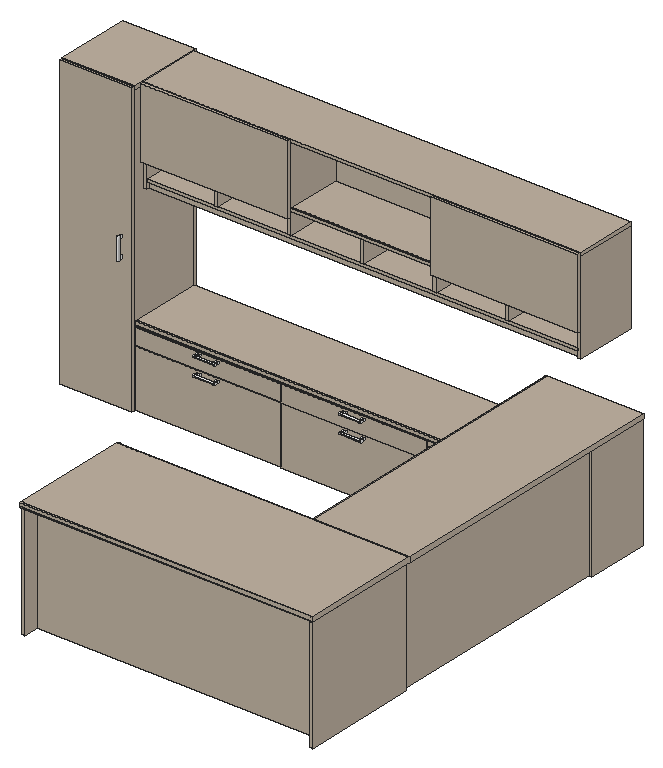
Revit family "JSI-Vision-Typical_Laminate-VST019-", category Furniture, Revit 2020
Family settings
  OmniClass Number = 23.40.20.00
  OmniClass Title = General Furniture and Specialties
  Work Plane-Based = No
  Always vertical = Yes
  Cut with Voids When Loaded = No
  Shared = No
  Room Calculation Point = No
Parameters (values of type "VST019")
  URL = "www.jsifurniture.com"
  Type Comments = "Typical Laminate"  # constant formula
  Model = "VST019"
  Manufacturer = "JSI"  # constant formula
  Keynote = "12500"
  Default Elevation = 0"
  Assembly Code = "E2020200"
Reference planes (in)
  plane 1 "Center Front/Back": y = 0
  plane 2: z = 0
  plane 3 "Center Left/Right": x = 0
Dimensions and locks (in)
  aligned and locked: level to plane 2
Nested families (in)
  nested 1: "JSI-Vision-Single_Pedestal_Desk-Recessed_Modesty" at (91.43587, -90.375, 0) x (-1, 0, 0) z (0, 0, 1), type "VST3072RDF, Laminate 30 x 72 Right Ped Desk, Recess Modesty"
    with Width 72", Panel BBF 56 1/4", LR no, Grommet angle 270.00°, Grommet 56 79/128", BBF 56 1/4"
  nested 2: "JSI-Vision-Wardrobe" at (0, 0.125, 0), type "VST2018-72WL - Wardrobe - 1 Doors 30"W x 20"D x 72"H"
    with Vertical Partition no, Top-Right Shelve no, Width 18", Unit Centre 8 15/16", Shelve Width 7 13/16", Shelve Depth 17.1795", Right surface Dist. to Vertical Partition 3/4", Right Door no, Pull Distance 15 1/4", Left Shelves no, Height 72", Hanging Bar Distance 6 3/4", Door Width 17 3/4", Depth 19.992", Bottom-Right Shelves yes, Adjustable Shelves Array Distance 13.95", Actual Width 17 7/8", Actual Height 71 11/16", # of Adjustable Shelves 4
  nested 3: "JSI-Vision-Bench_Height_Modular_Top" at (17.875, -0.75, -0.756), type "VSTB18108MT, Laminate Mod Bench H Top, 18" x 108""
    with Width 108", Depth 18"
  nested 4: "JSI-Vision-Single Door_Modular_Bench_Pedestal" at (89.875, -0.742, 0), type "VSTB1818MHR, Sngl Door Modular Bench Ped Right"
    with Hinge 4", Height 18.744"
  nested 5: "JSI-Vision-Open_Shelf_Modular_Bench_Pedestal" at (107.875, -0.612, 0), type "VSTB1818MOS, Laminate OS Modular Bench H Ped"
    with Height 18.744"
  nested 6: "JSI-Vision-Box_File_Modular_Bench_Pedestal" at (17.875, -0.742, 0), type "VSTB1836MBF - Laminate BF Modular Bench H Ped"
    with Width 36", Height 18.744"
  nested 7: "JSI-Vision-Box_File_Modular_Bench_Pedestal" at (53.875, -0.742, 0), type "VSTB1836MBF - Laminate BF Modular Bench H Ped"
    with Width 36", Height 18.744"
  nested 8: "JSI-Vision-Bench_Height-Shell_Return" at (127.5, -71.125, 0) x (0, -1, 0) z (0, 0, 1), type "VSTB2472LSHR - Bench Height Shell Return Left Handed - 72"W x 24"D x 30"H"
    with Width 72", Ped Height 27.9995", Modesty Width 59 11/16", Lat Panel Pstn 71 1/8", Height 29.187", Grommet Position 1.356", Bk Panel Pstn 56 1/4"
  nested 9: "JSI-Vision-Wall_Mount_Overhead_Cabinets-Sliding_Door_with_Cubbies" at (17.875, -0.75, -0.3125), type "VST16108WSDC, Laminate Wall Mount OH Cab. 16" x 108", Sld Doors with Cub"
    with Overall Height 72", Verticall Partition Distance 35.85417", Unit Centre 54", Width 108", Sliding Door Width 36.22917", Right Sliding Door yes, Left Vertical Partition yes, Door Width Actual 17.83333", Door Array Spacing 17.95833", Door Width 17.83333", Depth 15.996", Bottom Partition Array Start Distance 17.89583", Bottom Partition Array Space 17.52083", Bottom Partition Array Distance 17.95833", # of bottom Partition 5, # of Doors 6
  nested 10: "JSI-Vision-Modular_Back_Panel_for_Bench_Height-Horizontal_Grain" at (17.875, 0, 0), type "VSTB19102MBK, Modular Back Panel for Bench Height - Horizontal Grain  18 3/4"H, 102"W"
Definition of nested family "JSI-Vision-Single_Pedestal_Desk-Recessed_Modesty"
  Parameters (values of type "Type Catalog")
    Worksurface = none
    Width = 66"
    URL = "www.jsifurniture.com"
    Type Comments = ""
    Tag = "BBF"  # constant formula
    Series = "Vision Casegoods"  # constant formula
    Pull Finish = none
    Panel BBF = if(LR, 15", Width - 15 3/4")  # 15"
    Model = "Type Catalog"
    Material = ""
    Manufacturer = "JSI"  # constant formula
    LR = yes
    Keynote = "12500"
    JSI Enviromental Website = "http://www.jsifurniture.com/jsi_sustainability_intro.php"
    Height = 29.187"
    Grommet angle = if(LR, 90.00°, 270.00°)  # 90.00°
    Grommet Finish = none
    Grommet = if(LR, 14 1/2", Width - 15 49/128")  # 14 1/2"
    Drawer Front = none
    Description = "Type Catalog"
    Depth chassis = 30"
    Depth = 30"
    Default Elevation = 0"
    Chassis = none
    BBF = if(LR, 3/16", Width - 15 3/4")  # 3/16"
    Assembly Code = "E2020200"
  Reference planes (in)
    plane 1: z = 0
    plane 2 "Center (Left/Right)": x = -36.06413
    plane 3: z = 29.187
    plane 4: z = 27.9995
    plane 5: y = -19.25
    plane 6 "Center (Front/Back)": y = 10.75
    plane 7: y = 10.75
    plane 8: x = -3.06413
    plane 9: x = 29.93587
    plane 10: y = 10.56003
    plane 11: x = -20.31413
    plane 12: x = 14.18587
    plane 13: y = -18.37
    plane 14: x = -13.31413
    plane 15: x = -28.12663
    plane 16: x = 29.81086
    plane 17: x = -35.93913
    plane 18: y = 3.55952
    plane 19: y = -0.44048
    plane 20: y = 6.81003
    plane 21: y = -18.31113
    plane 22: x = -21.06413
    plane 23: x = -35.87663
    plane 24: x = -20.37636
    plane 25: x = -5.56513
    plane 26: x = -21.56413
    plane 27: y = 1.55952
  Forms (in)
    Extrusion 1, solid, material <- "Worksurface"
      sketch origin (0, 0, -0.813) x (1, 0, 0) y (0, 1, 0)
        loop
          line (-36.06413, -19.125) -> (29.93587, -19.125) -> (29.93587, 10.625) -> (-36.06413, 10.625) -> (-36.06413, -19.125)
      from 28.8125 to 30
    Extrusion 2, solid, material <- "Chassis"
      sketch origin (0, 3.75, 0) x (1, 0, 0) y (0, 1, 0)
        loop
          line (-35.18913, 3.06003) -> (-35.18913, 2.31003) -> (29.06086, 2.31003) -> (29.06086, 3.06003) -> (-35.18913, 3.06003)
      from 0 to 27.9995
    Extrusion 3, solid, material <- "Drawer Front"
      sketch origin (-0.00163, 0.13, 0) x (1, 0, 0) y (0, 0, 1)
        loop
          line (-35.875, 27.89042) -> (-35.875, 21.04768) -> (-20.37473, 21.04768) -> (-20.37473, 27.89042) -> (-35.875, 27.89042)
        loop
          line (-35.875, 20.92218) -> (-35.875, 14.07843) -> (-20.37473, 14.07843) -> (-20.37473, 20.92218) -> (-35.875, 20.92218)
        loop
          line (-35.875, 13.95343) -> (-35.875, 0.14093) -> (-20.37473, 0.14093) -> (-20.37473, 13.95343) -> (-35.875, 13.95343)
      from 18.5 to 19.25
    Extrusion 4, solid, material <- "Chassis"
      sketch origin (-0.06413, 0, 0) x (0, 1, 0) y (0, 0, 1)
        loop
          line (-18.31113, 27.9995) -> (-18.31113, 0) -> (10.56003, 0) -> (10.56003, 27.9995) -> (3.44695, 27.9995) -> (-18.31113, 27.9995)
      from -35.875 to -35.125
    Extrusion 5, solid, material <- "Chassis"
      sketch origin (-0.06413, 0.034, 0) x (1, 0, 0) y (0, 0, 1)
        loop
          line (-35.125, 1.9375) -> (-35.125, 0) -> (-21, 0) -> (-21, 1.9375) -> (-35.125, 1.9375)
      from 17.59513 to 18.34513
    Extrusion 6, solid, material <- "Chassis"
      sketch origin (-0.06029, 0, 0) x (0, 1, 0) y (0, 0, -1)
        loop
          line (-18.31113, -27.9995) -> (3.74172, -27.9995) -> (10.56003, -27.9995) -> (10.56003, 0) -> (-18.31113, 0) -> (-18.31113, -27.9995)
      from -29.87116 to -29.12116
    Sweep 7, solid, material <- "Worksurface"
      path in 3D
        loop
          line (-36.06413, -19.125, 29.187) -> (29.93587, -19.125, 29.187)
      profile origin (-3.06413, -19.125, 29.187) x (0, 1, 0) y (0, 0, 1)
        loop
          arc (0, 0) -> (-0.08839, -0.03661) -> (-0.125, -0.125) r 0.125
          line (-0.125, -0.125) -> (-0.125, -1.0625)
          arc (-0.125, -1.0625) -> (-0.08839, -1.15089) -> (0, -1.1875) r 0.125
          line (0, -1.1875) -> (0, 0)
    Extrusion 8, solid, material <- "Chassis"
      sketch origin (57.45899, 0, 0) x (0, 1, 0) y (0, 0, -1)
        loop
          line (-18.31113, -27.9995) -> (3.98759, -27.9995) -> (6.06003, -27.9995) -> (6.06003, 0) -> (-18.31113, 0) -> (-18.31113, -27.9995)
      from 77.77312 to 78.52312
    Sweep 9, solid, material <- "Worksurface"
      path in 3D
        loop
          line (29.93587, 10.625, 29.187) -> (-36.06413, 10.625, 29.187)
      profile origin (-3.06413, 10.625, 29.187) x (0, -1, 0) y (0, 0, 1)
        loop
          arc (0, 0) -> (-0.08839, -0.03661) -> (-0.125, -0.125) r 0.125
          line (-0.125, -0.125) -> (-0.125, -1.0625)
          arc (-0.125, -1.0625) -> (-0.08839, -1.15089) -> (0, -1.1875) r 0.125
          line (0, -1.1875) -> (0, 0)
  Cuts and joins
    joined: Extrusion 1, Sweep 7, Sweep 9
  Lines and regions (in)
    sketch lines
      curve 1: line (-36.06413, -19.125, 29.187) -> (29.93587, -19.125, 29.187)
      curve 10: line (29.93587, 10.625, 29.187) -> (-36.06413, 10.625, 29.187)
    symbolic lines
      curve 2: line (29.93587, -19.25, 0) -> (-36.06413, -19.25, 0)
      curve 3: line (29.93587, -19.25, 0) -> (29.93587, 10.75, 0)
      curve 4: line (-36.06413, 10.75, 0) -> (-36.06413, -19.25, 0)
      curve 5: line (-20.37636, -18.37, 0) -> (-35.87663, -18.37, 0)
      curve 6: line (-20.37636, -19.12, 0) -> (-20.37636, -18.37, 0)
      curve 7: line (-35.87663, -19.12, 0) -> (-20.37636, -19.12, 0)
      curve 8: line (-35.87663, -18.37, 0) -> (-35.87663, -19.12, 0)
      curve 9: line (-35.93913, 10.56003, 0) -> (-35.93913, -18.31113, 0)
      curve 11: line (29.81086, -18.31113, 0) -> (29.81086, 10.56003, 0)
      curve 12: line (-20.31413, -18.31113, 0) -> (-20.31413, 6.06003, 0)
      curve 13: line (-21.06413, 6.06003, 0) -> (-21.06413, -18.31113, 0)
      curve 14: line (-21.06413, -18.31113, 0) -> (-20.31413, -18.31113, 0)
      curve 15: line (-35.93913, 10.56003, 0) -> (-35.18913, 10.56003, 0)
      curve 16: line (-35.18913, -18.31113, 0) -> (-35.18913, 10.56003, 0)
      curve 17: line (-35.93913, -18.31113, 0) -> (-35.18913, -18.31113, 0)
      curve 18: line (29.06086, 6.81003, 0) -> (-35.18913, 6.81003, 0)
      curve 19: line (-35.18913, 6.06003, 0) -> (29.06086, 6.06003, 0)
      curve 20: line (29.06086, 10.56003, 0) -> (29.06086, -18.31113, 0)
      curve 21: line (29.81086, 10.56003, 0) -> (29.06086, 10.56003, 0)
      curve 22: line (29.06086, -18.31113, 0) -> (29.81086, -18.31113, 0)
      curve 23: line (-36.06413, 10.75, 0) -> (29.93587, 10.75, 0)
  Dimensions and locks (in)
    "Height": plane 3 to level
    locked: plane 3 to plane 4 at 1.1875
    "Depth": plane 6 "Center (Front/Back)" to plane 5
    equal spacing: plane 2 "Center (Left/Right)", plane 8, plane 9
    "Width": plane 2 "Center (Left/Right)" to plane 9
    locked: plane 7 to plane 10 at 0.18997
    locked: plane 2 "Center (Left/Right)" to plane 11 at 15.75
    locked: plane 12 to plane 9 at 15.75
    locked: Extrusion 5 to plane 13 at 0.80887
    locked: plane 13 to plane 5 at 0.88
    locked: plane 16 to plane 9 at 0.125
    locked: Extrusion 6 to Extrusion 6 at 0.75
    locked: Extrusion 4 to Extrusion 4 at 0.75
    locked: Extrusion 2 to Extrusion 2 at 0.75
    plane 21 to plane 5 = 0.93887"
    locked: plane 22 to plane 14 at 7.75
    "BBF": plane 2 "Center (Left/Right)" to plane 23
    locked: Extrusion 5 to Extrusion 5 at 0.75
    locked: plane 23 to plane 15 at 7.75
    locked: Extrusion 3 to Extrusion 3 at 0.75
    Extrusion 8 to Extrusion 8 = 3/4"
    locked: plane 23 to plane 24 at 15.50027
    locked: plane 22 to plane 25 at 15.499
    plane 23 to Extrusion 5 to Extrusion 5 = 11/16" locked, 14 1/8" locked
    "Panel BBF": plane 2 "Center (Left/Right)" to Extrusion 8
    locked: Extrusion 8 to Extrusion 8 at 0.75
    "Grommet": plane 2 "Center (Left/Right)" to plane 26
    equal spacing: plane 18, plane 27, plane 19
    plane 7 to plane 20 to plane 18 to plane 19 = 3.93997" locked, 3.25051" locked, 4" locked
    aligned and locked: level to plane 1
    aligned and locked: curve 4 to Extrusion 1
    aligned and locked: Extrusion 4 to Extrusion 5
    aligned and locked: Extrusion 2 to Extrusion 5
    aligned and locked: Extrusion 2 to Extrusion 6  (x2)
    aligned and locked: plane 16 to Extrusion 6
    aligned and locked: Extrusion 4 to plane 17
    aligned and locked: plane 20 to Extrusion 2
    aligned and locked: plane 13 to Extrusion 3
    aligned and locked: Extrusion 6 to plane 21
    aligned and locked: Extrusion 5 to plane 21
    aligned and locked: Extrusion 4 to plane 21
    aligned and locked: Extrusion 5 to level
    aligned and locked: nested 3 to plane 15
    aligned and locked: nested 2 to plane 15
    aligned and locked: nested 1 to plane 15
    aligned and locked: Extrusion 3 to nested 3
    aligned and locked: Extrusion 3 to nested 2
    aligned and locked: Extrusion 3 to nested 1
    aligned and locked: Extrusion 3 to plane 23  (x3)
    aligned and locked: plane 17 to Extrusion 4
    aligned and locked: plane 21 to Extrusion 5
    aligned and locked: Extrusion 8 to plane 21
    aligned and locked: Extrusion 6 to plane 16
    aligned and locked: plane 24 to Extrusion 3  (x3)
    aligned and locked: curve 5 to Extrusion 3
    aligned and locked: curve 6 to Extrusion 3
    aligned and locked: curve 7 to Extrusion 3
    aligned and locked: curve 8 to Extrusion 3
    aligned and locked: Extrusion 4 to curve 9
    aligned and locked: curve 11 to Extrusion 6
    aligned and locked: Extrusion 2 to Extrusion 4
    aligned and locked: Extrusion 8 to Extrusion 2
    aligned and locked: curve 12 to Extrusion 8
    aligned and locked: curve 13 to Extrusion 8
    aligned and locked: curve 14 to Extrusion 8
    aligned and locked: curve 16 to Extrusion 4
    aligned and locked: curve 17 to Extrusion 4
    aligned and locked: curve 18 to Extrusion 2
    aligned and locked: curve 19 to Extrusion 2
    aligned and locked: curve 20 to Extrusion 6
    aligned and locked: curve 21 to Extrusion 6
    aligned and locked: curve 22 to Extrusion 6
    aligned and locked: curve 3 to cut or joined group of Extrusion 1, Sweep 7, Sweep 9
    aligned and locked: curve 4 to cut or joined group of Extrusion 1, Sweep 7, Sweep 9
    aligned and locked: curve 23 to cut or joined group of Extrusion 1, Sweep 7, Sweep 9
    aligned and locked: nested 4 to plane 5
    aligned and locked: nested 4 to plane 15
    aligned and locked: plane 10 to Extrusion 4  (x2)
    aligned and locked: plane 10 to Extrusion 6  (x2)
    aligned and locked: curve 15 to Extrusion 4
  Automatic sketch dimensions
    plane 11 to Extrusion 2 sketch curve = 14 7/8"
    plane 12 to Extrusion 2 sketch curve = 14 7/8"
    Extrusion 2 sketch curve to plane 20 = 0"
    plane 18 to Extrusion 2 sketch curve = 2.50051"
    Extrusion 3 sketch curve to plane 23 = 0"  (x3)
    plane 11 to Extrusion 3 sketch curve = 0.06223"  (x3)
    level to Extrusion 3 sketch curve = 0.14093"
    Extrusion 3 sketch curve to Extrusion 3 sketch curve = 13 13/16"
    Extrusion 3 sketch curve to Extrusion 3 sketch curve = 1/8"
    Extrusion 3 sketch curve to Extrusion 3 sketch curve = 6 27/32"
    Extrusion 3 sketch curve to Extrusion 3 sketch curve = 0.1255"
    Extrusion 3 sketch curve to plane 4 = 0.10907"
    plane 4 to Extrusion 4 sketch curve = 0"
    Extrusion 4 sketch curve to plane 21 = 0"
    Extrusion 4 sketch curve to level = 0"
    Extrusion 4 sketch curve to plane 10 = 0"
    Extrusion 5 sketch curve to level = 0"
    plane 23 to Extrusion 5 sketch curve = 11/16"
    plane 11 to Extrusion 5 sketch curve = 3/4"
    level to Extrusion 5 sketch curve = 1 15/16"
    Extrusion 6 sketch curve to plane 4 = 0"
    Extrusion 6 sketch curve to plane 21 = 0"
    Extrusion 6 sketch curve to level = 0"
    Extrusion 6 sketch curve to plane 10 = 0"
    Sweep 7 sketch curve to profile plane = 0"  (x2)
    profile plane to Sweep 7 sketch curve = 1/8"
    Sweep 7 sketch curve to Sweep 7 sketch curve = 15/16"
    Extrusion 8 sketch curve to plane 4 = 0"
    Extrusion 8 sketch curve to plane 21 = 0"
    Extrusion 8 sketch curve to level = 0"
    Extrusion 8 sketch curve to plane 10 = 4 1/2"
    Extrusion 1 sketch curve to plane 2 "Center (Left/Right)" = 0"
    Extrusion 1 sketch curve to plane 9 = 0"
    plane 5 to Extrusion 1 sketch curve = 1/8"
    Sweep 9 sketch curve to Sweep 9 sketch curve = 15/16"
    Sweep 9 sketch curve to profile plane = 1/8"
    Sweep 9 sketch curve to profile plane = 0"  (x2)
    curve 2 to plane 2 "Center (Left/Right)" = 0"
    curve 9 to plane 17 = 0"
    curve 5 to plane 13 = 0"
    curve 5 to plane 23 = 0"
    curve 17 to plane 21 = 0"
    curve 18 to plane 20 = 0"
    curve 14 to plane 21 = 0"
    curve 7 to plane 24 = 0"
    plane 11 to curve 14 = 0"
    curve 22 to plane 21 = 0"
    curve 22 to plane 16 = 0"
    curve 2 to plane 5 = 0"
    plane 23 to curve 17 = 11/16"
    plane 22 to curve 14 = 0"
    curve 20 to curve 11 = 3/4"
    plane 5 to curve 7 = 0.13"
    curve 19 to curve 18 = 3/4"
    curve 11 to plane 10 = 0"
    plane 10 to Extrusion 1 sketch curve = 0.06497"
    Extrusion 4 sketch curve to plane 18 = 0.11258"
    plane 18 to Extrusion 8 sketch curve = 0.42807"
    plane 18 to Extrusion 6 sketch curve = 0.1822"
  Nested families (in)
    nested 1: "Bar Pull" at (-28.12663, -19.12, 13.20292), Pull Finish <- "Pull Finish", type "PL"
      with Pull Finish none
    nested 2: "Bar Pull" at (-28.12663, -19.12, 20.171), Pull Finish <- "Pull Finish", type "PL"
      with Pull Finish none
    nested 3: "Bar Pull" at (-28.12663, -19.12, 27.14116), Pull Finish <- "Pull Finish", type "PL"
      with Pull Finish none
    nested 4: "Label 1-16-1" at (-28.12663, -19.25, 0), type "DRWCFG"
  Definition of nested family "Bar Pull"
    Parameters
      Pull Finish [instance] = none
      Default Elevation = 0"
    Reference planes (in)
      plane 1 "Center Front/Back": y = 0
      plane 2: z = 0
      plane 3 "Center Left/Right": x = 0
      plane 4: x = -2.68731
      plane 5: x = -1.88731
      plane 6: x = 2.68731
      plane 7: x = 1.88731
      plane 8: y = -1
      plane 9: y = -0.85202
    Forms (in)
      Extrusion 1, solid, material <- "Pull Finish"
        sketch origin (0, 0, 0) x (0, 1, 0) y (0, 0, 1)
          loop
            line (0, -0.2015) -> (0, 0.2015) -> (-0.85202, 0.2015)
            arc (-0.85202, 0.2015) -> (-0.75, 0) -> (-0.85202, -0.2015) r 0.25
            line (-0.85202, -0.2015) -> (0, -0.2015)
        from 1.88731 to 2.68731
      Extrusion 2, solid, material <- "Pull Finish"
        sketch origin (0, 0, 0) x (0, 1, 0) y (0, 0, 1)
          loop
            circle (-1, 0) r 0.25
        from -2.68731 to 2.68731
      Extrusion 3, solid, material <- "Pull Finish"
        sketch origin (0, 0, 0) x (0, 1, 0) y (0, 0, -1)
          loop
            line (0, 0.2015) -> (-0.85202, 0.2015)
            arc (-0.85202, 0.2015) -> (-0.75, 0) -> (-0.85202, -0.2015) r 0.25
            line (-0.85202, -0.2015) -> (0, -0.2015) -> (0, 0.2015)
        from 1.88731 to 2.68731
    Dimensions and locks (in)
      plane 4 to plane 5 to plane 3 "Center Left/Right" to plane 7 to plane 6 = 0.8" locked, 1.88731" locked, 1.88731" locked, 0.8" locked
      plane 8 to plane 9 to plane 1 "Center Front/Back" = 0.14798" locked, 0.85202" locked
      aligned and locked: level to plane 2
      aligned and locked: plane 4 to Extrusion 3
      aligned and locked: Extrusion 3 to plane 5
      aligned and locked: plane 4 to Extrusion 2
      aligned and locked: Extrusion 1 to plane 7
      aligned and locked: plane 6 to Extrusion 1
      aligned and locked: plane 6 to Extrusion 2
      aligned and locked: plane 8 to Extrusion 2 sketch curve
      aligned and locked: Extrusion 3 to plane 1 "Center Front/Back"
      aligned and locked: Extrusion 1 to plane 1 "Center Front/Back"
      aligned and locked: plane 5 to Extrusion 3
      aligned and locked: Extrusion 3 to plane 4
      aligned and locked: Extrusion 2 to plane 4
      aligned and locked: plane 7 to Extrusion 1
      aligned and locked: Extrusion 1 to plane 6
      aligned and locked: Extrusion 2 to plane 6
  Definition of nested family "Label 1-16-1"
    Parameters
      Width = 1"
      Model Name = "BBF"
    Reference planes (in)
      plane 1: y = 0
      plane 2: x = 0
    Text (in)
      label "XX" at (0.00051, -0.12324, 0), shows "Model Name"
Definition of nested family "JSI-Vision-Wardrobe"
  Parameters (values of type "Type Catalog")
    Vertical Partition = yes
    Top-Right Shelve = yes
    Top = none
    Width = 36"
    Unit Centre = Actual Width / 2  # 17 15/16"
    URL = "www.jsifurniture.com"
    Type Comments = ""
    Tag = "Storage/Wardrobe"
    Shelve Width = (Actual Width - 2 1/4") / 2  # 16 13/16"
    Shelve Depth = Depth - 2 13/16"  # 21 3/16"
    Series = "Vision Casegoods"  # constant formula
    Right surface Dist. to Vertical Partition = if(Vertical Partition, (Unit Centre + 3/8"), 3/4")  # 18 5/16"
    Right Door = yes
    Pull Finish = none
    Pull Distance = Door Width - 2 1/2"  # 15 5/16"
    Model = "Type Catalog"
    Material = ""
    Manufacturer = "JSI"  # constant formula
    Left Shelves = yes
    Left Door = yes
    Keynote = "12500"
    JSI Enviromental Website = "http://www.jsifurniture.com/jsi_sustainability_intro.php"
    Height = 84"
    Hanging Bar Distance = if(Height > 72", (Adjustable Shelves Array Distance + 6 3/4"), 6 3/4")  # 20 3/8"
    Door Width = if(Vertical Partition, ((Actual Width - (1/4")) / 2), (Actual Width - 1/8"))  # 17 13/16"
    Door Front = none
    Description = "Type Catalog"
    Depth = 24"
    Default Elevation = 0"
    Chassis = none
    Bottom-Right Shelves = no
    Assembly Code = "E2020200"
    Adjustable Shelves Array Distance = (Actual Height - 1 15/16") / (# of Adjustable Shelves + 1)  # 13 5/8"
    Actual Width = Width - 1/8"  # 35 7/8"
    Actual Height = if(Height > 54", (Height - 5/16"), (if(Height > 42", (Height + 1 1/8"), if(Height > 30", (Height - 3/8"), (Height - 13/16")))))  # 83 11/16"
    # of Adjustable Shelves = if(Height > 72", 5, 4)  # 5
  Reference planes (in)
    plane 1 "Center Front/Back": y = 0
    plane 2: z = 0
    plane 3 "Center Left/Right": x = 0
    plane 4: z = 0
    plane 5: x = 35.875
    plane 6: y = -0.125
    plane 7: y = -23
    plane 8: z = 83.6875
    plane 9: y = -0.875
    plane 10: y = -22.8125
    plane 11: y = -22.0625
    plane 12: x = 0.75
    plane 13: x = 35.125
    plane 14: z = 1.1875
    plane 15: z = 1.9375
    plane 16: z = 82.9375
    plane 17: z = 83.3125
    plane 18: z = 15.1875
    plane 19: z = 28.8125
    plane 20: z = 42.4375
    plane 21: z = 56.0625
    plane 22: z = 69.6875
    plane 23: z = 70.0625
    plane 24: z = 69.3125
    plane 25: z = 56.4375
    plane 26: z = 55.6875
    plane 27: z = 42.8125
    plane 28: z = 42.0625
    plane 29: z = 29.1875
    plane 30: z = 28.4375
    plane 31: z = 15.5625
    plane 32: z = 14.8125
    plane 33: x = 17.9375
    plane 34: x = 0.0625
    plane 35: x = 35.8125
    plane 36: x = 18
    plane 37: x = 17.875
    plane 38: z = 0.125
    plane 39: y = -23.125
    plane 40: y = -23.875
    plane 41: z = 1.5625
    plane 42: x = 18.3125
    plane 43: x = 17.5625
    plane 44: y = -24
    plane 45: z = 83.625
    plane 46: z = 63.3125
    plane 47: y = -11.5625
    plane 48: z = 41.84375
    plane 49: x = 20.5
    plane 50: x = 15.375
    plane 51: z = 20.3125
    plane 52: z = 19.5625
    plane 53: x = 18.3125
  Forms (in)
    Extrusion 1, solid, material <- "Chassis"
      sketch origin (0, 0, 0) x (1, 0, 0) y (0, 1, 0)
        loop
          line (0, -0.125) -> (0, -0.875) -> (35.875, -0.875) -> (35.875, -0.125) -> (0, -0.125)
      from 0 to 82.9375
    Extrusion 2, solid, material <- "Chassis"
      sketch origin (0, 0, 0) x (1, 0, 0) y (0, 1, 0)
        loop
          line (0, -0.875) -> (0, -23) -> (0.75, -23) -> (0.75, -0.875) -> (0, -0.875)
      from 0 to 82.9375
    Extrusion 3, solid, material <- "Chassis"
      sketch origin (0, 0, 0) x (1, 0, 0) y (0, 1, 0)
        loop
          line (35.125, -0.875) -> (35.125, -23) -> (35.875, -23) -> (35.875, -0.875) -> (35.125, -0.875)
      from 0 to 82.9375
    Extrusion 4, solid, material <- "Top"
      sketch origin (0, 0, 0) x (0, 1, 0) y (0, 0, 1)
        loop
          line (-0.125, 83.6875) -> (-23, 83.6875) -> (-23, 82.9375) -> (-0.125, 82.9375) -> (-0.125, 83.6875)
      from 0 to 35.875
    Extrusion 5, solid, material <- "Chassis"
      sketch origin (0, 0, 0) x (0, 1, 0) y (0, 0, 1)
        loop
          line (-0.875, 1.9375) -> (-22.0625, 1.9375) -> (-22.0625, 1.1875) -> (-0.875, 1.1875) -> (-0.875, 1.9375)
      from 0.75 to 35.125
    Extrusion 6, solid, material <- "Chassis"
      sketch origin (0, 0, 0) x (0, 1, 0) y (0, 0, 1)
        loop
          line (-22.0625, 1.9375) -> (-22.8125, 1.9375) -> (-22.8125, 0) -> (-22.0625, 0) -> (-22.0625, 1.9375)
      from 0.75 to 35.125
    Extrusion 7, solid, material <- "Door Front", visible <- "Left Door"
      sketch origin (0, 0, 0) x (1, 0, 0) y (0, 1, 0)
        loop
          line (0.0625, -23.125) -> (0.0625, -23.875) -> (17.875, -23.875) -> (17.875, -23.125) -> (0.0625, -23.125)
      from 0.125 to 83.625
    Extrusion 8, solid, material <- "Door Front", visible <- "Right Door"
      sketch origin (0, 0, 0) x (1, 0, 0) y (0, 1, 0)
        loop
          line (18, -23.125) -> (18, -23.875) -> (35.8125, -23.875) -> (35.8125, -23.125) -> (18, -23.125)
      from 0.125 to 83.625
    Extrusion 9, solid, material <- "Chassis", visible <- "Vertical Partition"
      sketch origin (0, 0, 0) x (1, 0, 0) y (0, 1, 0)
        loop
          line (17.5625, -0.875) -> (17.5625, -23) -> (18.3125, -23) -> (18.3125, -0.875) -> (17.5625, -0.875)
      from 1.9375 to 82.9375
    Extrusion 10, solid, material <- "Chassis", visible <- "Left Shelves"
      sketch origin (0, 0, 0) x (0, 1, 0) y (0, 0, 1)
        loop
          line (-0.875, 15.5625) -> (-22.0625, 15.5625) -> (-22.0625, 14.8125) -> (-0.875, 14.8125) -> (-0.875, 15.5625)
      from 0.75 to 17.5625
    Extrusion 11, solid, material <- "Chassis", visible <- "Top-Right Shelve"
      sketch origin (0, 0, 0) x (0, 1, 0) y (0, 0, 1)
        loop
          line (-0.875, 70.0625) -> (-22.0625, 70.0625) -> (-22.0625, 69.3125) -> (-0.875, 69.3125) -> (-0.875, 70.0625)
      from 18.3125 to 35.125
    Extrusion 12, solid, material <- "Pull Finish"
      sketch origin (0, 0, 0) x (0, 1, 0) y (0, 0, 1)
        loop
          circle (-11.5625, 63.3125) r 0.5
      from 18.3125 to 35.125
    Extrusion 13, solid, material <- "Chassis", visible <- "Left Shelves"
      sketch origin (0, 0, 13.625) x (0, 1, 0) y (0, 0, 1)
        loop
          line (-0.875, 15.5625) -> (-22.0625, 15.5625) -> (-22.0625, 14.8125) -> (-0.875, 14.8125) -> (-0.875, 15.5625)
      from 0.75 to 17.5625
    Extrusion 14, solid, material <- "Chassis", visible <- "Left Shelves"
      sketch origin (0, 0, 27.25) x (0, 1, 0) y (0, 0, 1)
        loop
          line (-0.875, 15.5625) -> (-22.0625, 15.5625) -> (-22.0625, 14.8125) -> (-0.875, 14.8125) -> (-0.875, 15.5625)
      from 0.75 to 17.5625
    Extrusion 15, solid, material <- "Chassis", visible <- "Left Shelves"
      sketch origin (0, 0, 40.875) x (0, 1, 0) y (0, 0, 1)
        loop
          line (-0.875, 15.5625) -> (-22.0625, 15.5625) -> (-22.0625, 14.8125) -> (-0.875, 14.8125) -> (-0.875, 15.5625)
      from 0.75 to 17.5625
    Extrusion 16, solid, material <- "Chassis", visible <- "Bottom-Right Shelves"
      sketch origin (0, 0, 0) x (0, 1, 0) y (0, 0, 1)
        loop
          line (-22.0625, 29.1875) -> (-22.0625, 28.4375) -> (-0.875, 28.4375) -> (-0.875, 29.1875) -> (-22.0625, 29.1875)
      from 18.3125 to 35.125
    Extrusion 17, solid, material <- "Chassis", visible <- "Bottom-Right Shelves"
      sketch origin (0, 0, 0) x (0, 1, 0) y (0, 0, 1)
        loop
          line (-22.0625, 20.3125) -> (-22.0625, 19.5625) -> (-0.875, 19.5625) -> (-0.875, 20.3125) -> (-22.0625, 20.3125)
      from 18.3125 to 35.125
    Extrusion 18, solid, material <- "Chassis", visible <- "Left Shelves"
      sketch origin (0, 0, 54.5) x (0, 1, 0) y (0, 0, 1)
        loop
          line (-0.875, 15.5625) -> (-22.0625, 15.5625) -> (-22.0625, 14.8125) -> (-0.875, 14.8125) -> (-0.875, 15.5625)
      from 0.75 to 17.5625
  Lines and regions (in)
    symbolic lines
      curve 1: line (35.875, -0.125, 0) -> (0, -0.125, 0)
      curve 2: line (0, -0.125, 0) -> (0, -23, 0)
      curve 3: line (35.875, -23, 0) -> (35.875, -0.125, 0)
      curve 4: line (0, -23, 0) -> (35.875, -23, 0)
      curve 5: line (17.875, -23.875, 0) -> (17.875, -23.125, 0)
      curve 6: line (0.0625, -23.875, 0) -> (17.875, -23.875, 0)
      curve 7: line (17.875, -23.125, 0) -> (0.0625, -23.125, 0)
      curve 8: line (0.0625, -23.125, 0) -> (0.0625, -23.875, 0)
      curve 9: line (35.8125, -23.125, 20.3125) -> (18, -23.125, 20.3125)
      curve 10: line (18, -23.875, 20.3125) -> (35.8125, -23.875, 20.3125)
      curve 11: line (18, -23.125, 20.3125) -> (18, -23.875, 20.3125)
      curve 12: line (35.8125, -23.875, 20.3125) -> (35.8125, -23.125, 20.3125)
  Dimensions and locks (in)
    locked: plane 6 to plane 1 "Center Front/Back" at 0.125
    plane 7 to plane 10 to plane 11 = 3/16" locked, 3/4" locked
    locked: plane 3 "Center Left/Right" to plane 12 at 0.75
    locked: plane 13 to plane 5 at 0.75
    plane 15 to plane 14 to plane 4 = 3/4" locked, 1 3/16" locked
    locked: plane 8 to plane 16 at 0.75
    locked: plane 17 to plane 16 at 0.375
    plane 23 to plane 22 to plane 24 = 3/8" locked, 3/8" locked
    plane 25 to plane 21 to plane 26 = 3/8" locked, 3/8" locked
    plane 27 to plane 20 to plane 28 = 3/8" locked, 3/8" locked
    plane 29 to plane 19 to plane 30 = 3/8" locked, 3/8" locked
    plane 31 to plane 18 to plane 32 = 3/8" locked, 3/8" locked
    "Actual Width": plane 3 "Center Left/Right" to plane 5
    "Unit Centre": plane 3 "Center Left/Right" to plane 33
    "Actual Height": plane 8 to plane 4
    locked: plane 3 "Center Left/Right" to plane 34 at 0.0625
    locked: plane 35 to plane 5 at 0.0625
    plane 40 to plane 39 to plane 7 = 3/4" locked, 1/8" locked
    "Door Width": plane 34 to plane 37
    "Door Width": plane 36 to plane 35
    locked: plane 15 to plane 41 at 0.375
    plane 43 to plane 33 to plane 42 = 3/8" locked, 3/8" locked
    "Depth": plane 44 to plane 1 "Center Front/Back"
    locked: plane 44 to plane 40 at 0.125
    "Adjustable Shelves Array Distance": Extrusion 10 to plane 15
    locked: plane 8 to plane 45 at 0.0625
    "Adjustable Shelves Array Distance": plane 17 to plane 22
    equal spacing: plane 6, plane 47, plane 7
    equal spacing: plane 8, plane 48, plane 4
    "Shelve Depth": Extrusion 10 sketch curve to Extrusion 10 sketch curve
    "Shelve Depth": Extrusion 13 sketch curve to Extrusion 13 sketch curve
    equal spacing: group 1, group 2, group 3, group 4, group 5  (x3)
    "Shelve Width": Extrusion 10 to Extrusion 10
    "Shelve Depth": Extrusion 14 sketch curve to Extrusion 14 sketch curve
    "Shelve Width": Extrusion 14 to Extrusion 14
    "Shelve Depth": Extrusion 15 sketch curve to Extrusion 15 sketch curve
    "Shelve Width": Extrusion 15 to Extrusion 15
    "Shelve Width": Extrusion 13 to Extrusion 13
    "Hanging Bar Distance": plane 8 to plane 46
    "Adjustable Shelves Array Distance": Extrusion 13 to Extrusion 10
    plane 30 to plane 51 to plane 52 = 8 1/8" locked, 3/4" locked
    "Pull Distance": plane 49 to plane 35
    "Pull Distance": plane 34 to plane 50
    "Right surface Dist. to Vertical Partition": plane 53 to plane 3 "Center Left/Right"
    "Shelve Depth": Extrusion 18 sketch curve to Extrusion 18 sketch curve
    "Shelve Width": Extrusion 18 to Extrusion 18
    locked: plane 38 to plane 4 at 0.125
    radius of Extrusion 12 sketch curve = 1/2"
    aligned and locked: level to plane 2
    aligned and locked: plane 6 to Extrusion 1 sketch curve
    aligned and locked: Extrusion 1 sketch curve to plane 9
    aligned and locked: Extrusion 1 sketch curve to plane 5
    aligned and locked: plane 3 "Center Left/Right" to Extrusion 1 sketch curve
    aligned and locked: Extrusion 1 to plane 4
    aligned and locked: plane 16 to Extrusion 1
    aligned and locked: plane 3 "Center Left/Right" to Extrusion 2 sketch curve
    aligned and locked: Extrusion 2 sketch curve to plane 12
    aligned and locked: Extrusion 2 sketch curve to plane 7
    aligned and locked: plane 9 to Extrusion 2 sketch curve
    aligned and locked: plane 13 to Extrusion 3 sketch curve
    aligned and locked: Extrusion 3 sketch curve to plane 5
    aligned and locked: Extrusion 3 sketch curve to plane 7
    aligned and locked: plane 9 to Extrusion 3 sketch curve
    aligned and locked: Extrusion 2 to plane 4
    aligned and locked: Extrusion 3 to plane 4
    aligned and locked: plane 16 to Extrusion 2
    aligned and locked: plane 16 to Extrusion 3
    aligned and locked: plane 16 to Extrusion 4 sketch curve
    aligned and locked: Extrusion 4 sketch curve to plane 8
    aligned and locked: plane 6 to Extrusion 4 sketch curve
    aligned and locked: Extrusion 4 sketch curve to plane 7
    aligned and locked: Extrusion 4 to plane 3 "Center Left/Right"
    aligned and locked: plane 5 to Extrusion 4
    aligned and locked: Extrusion 5 sketch curve to plane 11
    aligned and locked: plane 14 to Extrusion 5 sketch curve
    aligned and locked: Extrusion 5 sketch curve to plane 15
    aligned and locked: plane 9 to Extrusion 5 sketch curve
    aligned and locked: Extrusion 5 to plane 12
    aligned and locked: plane 13 to Extrusion 5
    aligned and locked: plane 11 to Extrusion 6 sketch curve
    aligned and locked: Extrusion 6 sketch curve to plane 10
    aligned and locked: plane 4 to Extrusion 6 sketch curve
    aligned and locked: Extrusion 6 sketch curve to plane 15
    aligned and locked: Extrusion 6 to plane 12
    aligned and locked: plane 13 to Extrusion 6
    aligned and locked: level to plane 4
    aligned and locked: plane 33 to nested 1
    aligned and locked: plane 40 to nested 1
    aligned and locked: plane 39 to Extrusion 7 sketch curve
    aligned and locked: Extrusion 7 sketch curve to plane 40
    aligned and locked: Extrusion 7 sketch curve to plane 37
    aligned and locked: plane 34 to Extrusion 7 sketch curve
    aligned and locked: plane 39 to Extrusion 8 sketch curve
    aligned and locked: Extrusion 8 sketch curve to plane 40
    aligned and locked: Extrusion 8 sketch curve to plane 35
    aligned and locked: plane 36 to Extrusion 8 sketch curve
    aligned and locked: Extrusion 7 to plane 38
    aligned and locked: Extrusion 8 to plane 38
    aligned and locked: plane 43 to Extrusion 9 sketch curve
    aligned and locked: Extrusion 9 sketch curve to plane 42
    aligned and locked: plane 9 to Extrusion 9 sketch curve
    aligned and locked: Extrusion 9 sketch curve to plane 7
    aligned and locked: Extrusion 9 to plane 15
    aligned and locked: plane 16 to Extrusion 9
    aligned and locked: plane 45 to Extrusion 7
    aligned and locked: plane 45 to Extrusion 8
    aligned and locked: Extrusion 11 sketch curve to plane 23
    aligned and locked: plane 24 to Extrusion 11 sketch curve
    aligned and locked: plane 9 to Extrusion 11 sketch curve
    aligned and locked: Extrusion 11 sketch curve to plane 11
    aligned and locked: plane 13 to Extrusion 11
    aligned and locked: plane 13 to Extrusion 12
    aligned and locked: Extrusion 10 to plane 9
    aligned and locked: plane 50 to nested 3
    aligned and locked: plane 49 to nested 2
    aligned and locked: plane 48 to nested 3
    aligned and locked: plane 48 to nested 2
    aligned and locked: plane 43 to Extrusion 10
    aligned and locked: plane 43 to Extrusion 13
    aligned and locked: Extrusion 13 to plane 9
    aligned and locked: plane 40 to nested 3
    aligned and locked: plane 40 to nested 2
    aligned and locked: Extrusion 16 sketch curve to plane 29
    aligned and locked: plane 30 to Extrusion 16 sketch curve
    aligned and locked: plane 9 to Extrusion 16 sketch curve
    aligned and locked: Extrusion 16 sketch curve to plane 11
    aligned and locked: plane 13 to Extrusion 16
    aligned and locked: Extrusion 17 sketch curve to plane 51
    aligned and locked: plane 52 to Extrusion 17 sketch curve
    aligned and locked: Extrusion 17 sketch curve to plane 11
    aligned and locked: plane 9 to Extrusion 17 sketch curve
    aligned and locked: plane 13 to Extrusion 17
    aligned and locked: plane 53 to Extrusion 12
    aligned and locked: plane 53 to Extrusion 11
    aligned and locked: plane 53 to Extrusion 17
    aligned and locked: plane 53 to Extrusion 16
    aligned and locked: curve 1 to Extrusion 4
    aligned and locked: curve 2 to Extrusion 4
    aligned and locked: curve 3 to Extrusion 4
    aligned and locked: curve 4 to Extrusion 4
    aligned and locked: curve 5 to Extrusion 7
    aligned and locked: curve 6 to Extrusion 7
    aligned and locked: curve 7 to Extrusion 7
    aligned and locked: curve 8 to Extrusion 7
    aligned and locked: curve 9 to Extrusion 8
    aligned and locked: curve 10 to Extrusion 8
    aligned and locked: curve 11 to Extrusion 8
    aligned and locked: curve 12 to Extrusion 8
  Automatic sketch dimensions
    Extrusion 12 sketch curve to plane 46 = 0"
    Extrusion 12 sketch curve to plane 47 = 0"
    Extrusion 10 sketch curve to Extrusion 10 sketch curve = 3/4"
    Extrusion 13 sketch curve to Extrusion 13 sketch curve = 3/4"
    Extrusion 14 sketch curve to Extrusion 14 sketch curve = 3/4"
    Extrusion 15 sketch curve to Extrusion 15 sketch curve = 3/4"
    Extrusion 18 sketch curve to Extrusion 18 sketch curve = 3/4"
  Nested families (in)
    nested 1: "Label 1-16 OH" at (17.9375, -23.875, 0), type "OH DOORS"
    nested 2: "Vertical Bar Pull" at (20.5, -23.875, 41.84375), Pull Finish <- "Pull Finish", visible <- "Right Door", type "PL"
      with Pull Finish none
    nested 3: "Vertical Bar Pull" at (15.375, -23.875, 41.84375), Pull Finish <- "Pull Finish", visible <- "Left Door", type "PL"
      with Pull Finish none
  Definition of nested family "Vertical Bar Pull"
    Parameters
      Pull Finish [instance] = none
      Default Elevation = 0"
    Reference planes (in)
      plane 1 "Center Front/Back": y = 0
      plane 2: z = 0
      plane 3 "Center Left/Right": x = 0
      plane 4: x = -2.68731
      plane 5: x = -1.88731
      plane 6: x = 2.68731
      plane 7: x = 1.88731
      plane 8: y = -1
      plane 9: y = -0.85202
      plane 10: z = 2.68731
      plane 11: z = 1.88731
      plane 12: z = -1.88731
      plane 13: z = -2.68731
    Forms (in)
      Extrusion 1, solid, material <- "Pull Finish"
        sketch origin (0, 0, 0) x (0, 1, 0) y (-1, 0, 0)
          loop
            line (0, -0.2015) -> (0, 0.2015) -> (-0.85202, 0.2015)
            arc (-0.85202, 0.2015) -> (-0.75, 0) -> (-0.85202, -0.2015) r 0.25
            line (-0.85202, -0.2015) -> (0, -0.2015)
        from 1.88731 to 2.68731
      Extrusion 2, solid, material <- "Pull Finish"
        sketch origin (0, 0, 0) x (0, 1, 0) y (-1, 0, 0)
          loop
            circle (-1, 0) r 0.25
        from -2.68731 to 2.68731
      Extrusion 3, solid, material <- "Pull Finish"
        sketch origin (0, 0, 0) x (1, 0, 0) y (0, 1, 0)
          loop
            line (0.2015, 0) -> (-0.2015, 0) -> (-0.2015, -0.85202)
            arc (-0.2015, -0.85202) -> (0, -0.75) -> (0.2015, -0.85202) r 0.25
            line (0.2015, -0.85202) -> (0.2015, 0)
        from 1.88731 to 2.68731
      Extrusion 4, solid, material <- "Pull Finish"
        sketch origin (0, 0, -4.57462) x (1, 0, 0) y (0, 1, 0)
          loop
            line (0.2015, 0) -> (-0.2015, 0) -> (-0.2015, -0.85202)
            arc (-0.2015, -0.85202) -> (0, -0.75) -> (0.2015, -0.85202) r 0.25
            line (0.2015, -0.85202) -> (0.2015, 0)
        from 1.88731 to 2.68731
    Dimensions and locks (in)
      plane 4 to plane 5 to plane 3 "Center Left/Right" to plane 7 to plane 6 = 0.8" locked, 1.88731" locked, 1.88731" locked, 0.8" locked
      plane 8 to plane 9 to plane 1 "Center Front/Back" = 0.14798" locked, 0.85202" locked
      plane 13 to plane 12 to plane 2 to plane 11 to plane 10 = 0.8" locked, 1.88731" locked, 1.88731" locked, 0.8" locked
      plane 1 "Center Front/Back" to plane 9 to plane 8 = 0.85202" locked, 0.14798" locked
      aligned and locked: level to plane 2
      aligned and locked: plane 8 to Extrusion 2 sketch curve
      aligned and locked: Extrusion 3 to plane 1 "Center Front/Back"
      aligned and locked: Extrusion 1 to plane 1 "Center Front/Back"
      aligned and locked: Extrusion 4 to plane 1 "Center Front/Back"
      aligned and locked: Extrusion 3 to plane 10
      aligned and locked: Extrusion 3 to plane 11
      aligned and locked: Extrusion 2 to plane 10
      aligned and locked: Extrusion 2 to plane 13
      aligned and locked: Extrusion 4 to plane 13
      aligned and locked: Extrusion 4 to plane 12
      aligned and locked: plane 1 "Center Front/Back" to Extrusion 4
      aligned and locked: plane 1 "Center Front/Back" to Extrusion 3
      aligned and locked: Extrusion 4 to plane 9
      aligned and locked: Extrusion 3 to plane 9
  Definition of nested family "Label 1-16 OH"
    Parameters
      Width = 1"
      Model Name = "Storage/Wardrobe"
    Reference planes (in)
      plane 1: y = 0
      plane 2: x = 0
    Text (in)
      label "XX" at (0.00051, -0.12324, 0), shows "Model Name"
Definition of nested family "JSI-Vision-Bench_Height_Modular_Top"
  Parameters (values of type "Type Catalog")
    Worksurface = none
    Width = 42"
    URL = "www.jsifurniture.com"
    Type Comments = ""
    Series = "Vision Casegoods"  # constant formula
    Model = "Type Catalog"
    Material = ""
    Manufacturer = "JSI"  # constant formula
    Keynote = "12500"
    JSI Enviromental Website = "http://www.jsifurniture.com/jsi_sustainability_intro.php"
    Height = 19 1/2"
    Description = "Type Catalog"
    Depth = 30"
    Default Elevation = 0"
    Assembly Code = "E2020200"
  Reference planes (in)
    plane 1 "Center Front/Back": y = 0
    plane 2: z = 0
    plane 3 "Center Left/Right": x = 0
    plane 4: z = 0
    plane 5: x = 42
    plane 6: y = -30
    plane 7: z = 20.6875
    plane 8: z = 19.5
  Forms (in)
    Extrusion 1, solid, material <- "Worksurface"
      sketch origin (0, 0, 28) x (0, 1, 0) y (0, 0, 1)
        loop
          line (-29.88189, -8.5) -> (0, -8.5) -> (0, -7.3125) -> (-29.88189, -7.3125)
          arc (-29.88189, -7.3125) -> (-29.96541, -7.34709) -> (-30, -7.43061) r 0.11811
          line (-30, -7.43061) -> (-30, -8.38189)
          arc (-30, -8.38189) -> (-29.96541, -8.46541) -> (-29.88189, -8.5) r 0.11811
      from 0 to 42
  Lines and regions (in)
    symbolic lines
      curve 1: line (0, 0, 0) -> (42, 0, 0)
      curve 2: line (0, -30, 0) -> (0, 0, 0)
      curve 3: line (42, -30, 0) -> (0, -30, 0)
      curve 4: line (42, 0, 0) -> (42, -30, 0)
  Dimensions and locks (in)
    "Depth": plane 6 to plane 1 "Center Front/Back"
    "Width": plane 5 to plane 3 "Center Left/Right"
    locked: plane 7 to plane 8 at 1.1875
    "Height": plane 8 to level
    aligned and locked: level to plane 2
    aligned and locked: plane 5 to Extrusion 1
    aligned and locked: curve 1 to Extrusion 1
    aligned and locked: curve 2 to Extrusion 1
    aligned and locked: plane 6 to curve 3
    aligned and locked: curve 4 to plane 5
    aligned and locked: Extrusion 1 to plane 8
    aligned and locked: Extrusion 1 to plane 7
  Automatic sketch dimensions
    Extrusion 1 sketch curve to plane 6 = 0"
    level to Extrusion 1 sketch curve = 19 1/2"
    Extrusion 1 sketch curve to plane 7 = 0"
    Extrusion 1 sketch curve to plane 1 "Center Front/Back" = 0"
    Extrusion 1 sketch curve to Extrusion 1 sketch curve = 0.11811"
    plane 6 to Extrusion 1 sketch curve = 0.11811"
Definition of nested family "JSI-Vision-Single Door_Modular_Bench_Pedestal"
  Parameters (values of type "Type Catalog")
    Width = 18"
    URL = "www.jsifurniture.com"
    Top = none
    Tag = "DOOR"
    Series = "Vision Casegoods"  # constant formula
    Pull Finish = none
    Model = "Type Catalog"
    Manufacturer = "JSI"  # constant formula
    Keynote = "12500"
    JSI Enviromental Website = "http://www.jsifurniture.com/jsi_sustainability_intro.php"
    Hinge = 14"
    Height = 18 3/4"
    Description = "Type Catalog"
    Depth = 18"
    Default Elevation = 0"
    Chassis = none
    Drawer Front = none
    Assembly Code = "E2020200"
  Reference planes (in)
    plane 1 "Center Front/Back": y = 0
    plane 2: z = 0
    plane 3 "Center Left/Right": x = 0
    plane 4: x = 18
    plane 5: y = -17.12
    plane 6: y = -17.25
    plane 7: x = 0.18716
    plane 8: x = 17.81244
    plane 9: y = -18
    plane 10: x = 0.75
    plane 11: x = 17.126
    plane 12: y = -0.8125
    plane 13: y = -16.37913
    plane 14: z = 18
    plane 15: x = 14
    plane 16: z = 18.8591
    plane 17: z = 18.75
    plane 18: z = 18.1091
  Forms (in)
    Extrusion 1, solid, material <- "Chassis"
      sketch origin (0, 0, 0) x (1, 0, 0) y (0, 1, 0)
        loop
          line (0, 0) -> (0, -0.8125) -> (18, -0.8125) -> (18, 0) -> (0, 0)
      from 0 to 18.8591
    Extrusion 2, solid, material <- "Chassis"
      sketch origin (0.125, -0.1875, 48) x (0, 1, 0) y (0, 0, 1)
        loop
          line (-0.625, -29.1409) -> (-16.9325, -29.1409) -> (-16.9325, -48) -> (-0.625, -48) -> (-0.625, -29.1409)
      from -0.125 to 0.625
    Extrusion 3, solid, material <- "Chassis"
      sketch origin (29.875, -0.1875, 48) x (0, 1, 0) y (0, 0, 1)
        loop
          line (-0.625, -29.1409) -> (-16.9325, -29.1409) -> (-16.9325, -48) -> (-0.625, -48) -> (-0.625, -29.1409)
      from -12.749 to -11.875
    Extrusion 4, solid, material <- "Drawer Front"
      sketch origin (0, 0, 0) x (1, 0, 0) y (0, 0, 1)
        loop
          line (0.18716, 18.75) -> (0.18716, 0.125) -> (17.81244, 0.125) -> (17.81244, 18.75) -> (0.18716, 18.75)
      from 17.25 to 18
    Extrusion 5, solid, material <- "Chassis"
      sketch origin (0, 0, 0) x (1, 0, 0) y (0, 1, 0)
        loop
          line (0.75, -16.37913) -> (0.75, -17.12) -> (17.126, -17.12) -> (17.126, -16.37913) -> (0.75, -16.37913)
      from 0 to 1.9375
    Extrusion 6, solid, material <- "Top"
      sketch origin (0, 0, 0) x (0, 1, 0) y (0, 0, 1)
        loop
          line (-0.8125, 18.1091) -> (-0.8125, 18.8591) -> (-17.12, 18.8591) -> (-17.12, 18.1091) -> (-0.8125, 18.1091)
      from 0.75 to 17.126
    Extrusion 7, solid, material <- "Chassis"
      sketch origin (0, 0, 0) x (0, 1, 0) y (0, 0, 1)
        loop
          line (-16.37913, 1.1875) -> (-0.8125, 1.1875) -> (-0.8125, 1.9375) -> (-16.37913, 1.9375) -> (-16.37913, 1.1875)
      from 0.75 to 17.126
    Extrusion 8, solid, material <- "Drawer Front"
      sketch origin (0, 0, 0) x (0, 1, 0) y (0, 0, 1)
        loop
          line (-16.5625, 9.58219) -> (-0.8125, 9.58219) -> (-0.8125, 10.33219) -> (-16.5625, 10.33219) -> (-16.5625, 9.58219)
      from 0.75 to 17.126
  Lines and regions (in)
    symbolic lines
      curve 1: line (0, 0, 0) -> (18, 0, 0)
      curve 2: line (0, -17.12, 0) -> (0, 0, 0)
      curve 3: line (18, -17.12, 0) -> (0, -17.12, 0)
      curve 4: line (18, 0, 0) -> (18, -17.12, 0)
      curve 5: line (0.18716, -17.25, 0) -> (17.81244, -17.25, 0)
      curve 6: line (0.18716, -18, 0) -> (0.18716, -17.25, 0)
      curve 7: line (17.81244, -18, 0) -> (0.18716, -18, 0)
      curve 8: line (17.81244, -17.25, 0) -> (17.81244, -18, 0)
  Dimensions and locks (in)
    plane 13 to plane 5 to plane 6 to plane 9 = 0.74087" locked, 0.13" locked, 3/4" locked
    "Depth": plane 1 "Center Front/Back" to plane 9
    locked: plane 17 to plane 16 at 0.1091
    locked: plane 17 to plane 14 at 0.75
    plane 11 to plane 8 to plane 4 = 0.68644" locked, 0.18756" locked
    plane 3 "Center Left/Right" to plane 7 to plane 10 = 0.18716" locked, 0.56284" locked
    "Width": plane 3 "Center Left/Right" to plane 4
    locked: plane 1 "Center Front/Back" to plane 12 at 0.8125
    "Hinge": plane 3 "Center Left/Right" to plane 15
    locked: plane 16 to plane 18 at 0.75
    "Height": level to plane 17
    plane 2 to Extrusion 7 sketch curve to Extrusion 7 sketch curve = 1 3/16" locked, 3/4" locked
    locked: plane 13 to Extrusion 8 sketch curve at 0.18337
    plane 2 to Extrusion 8 sketch curve to Extrusion 8 sketch curve = 9.58219" locked, 3/4" locked
    aligned and locked: level to plane 2
    aligned and locked: plane 12 to Extrusion 1 sketch curve
    aligned and locked: plane 12 to Extrusion 2 sketch curve
    aligned and locked: Extrusion 2 sketch curve to plane 5
    aligned and locked: Extrusion 2 sketch curve to level
    aligned and locked: plane 10 to Extrusion 2
    aligned and locked: Extrusion 3 sketch curve to plane 12
    aligned and locked: level to Extrusion 3 sketch curve
    aligned and locked: plane 5 to Extrusion 3 sketch curve
    aligned and locked: Extrusion 4 sketch curve to plane 7
    aligned and locked: plane 8 to Extrusion 4 sketch curve
    aligned and locked: Extrusion 4 to plane 9
    aligned and locked: plane 6 to Extrusion 4
    aligned and locked: Extrusion 5 sketch curve to plane 13
    aligned and locked: plane 10 to Extrusion 5 sketch curve
    aligned and locked: nested 1 to plane 9
    aligned and locked: plane 14 to nested 1
    aligned and locked: nested 1 to plane 15
    aligned and locked: plane 15 to nested 2
    aligned and locked: nested 2 to plane 9
    aligned and locked: plane 16 to Extrusion 3
    aligned and locked: plane 16 to Extrusion 2
    aligned and locked: plane 16 to Extrusion 1
    aligned and locked: Extrusion 1 to plane 1 "Center Front/Back"
    aligned and locked: plane 17 to Extrusion 4 sketch curve
    aligned and locked: Extrusion 2 to plane 3 "Center Left/Right"
    aligned and locked: plane 3 "Center Left/Right" to curve 2
    aligned and locked: Extrusion 1 to plane 3 "Center Left/Right"
    aligned and locked: plane 1 "Center Front/Back" to curve 1
    aligned and locked: plane 4 to Extrusion 1
    aligned and locked: plane 4 to Extrusion 3
    aligned and locked: curve 4 to plane 4
    aligned and locked: Extrusion 3 to plane 11
    aligned and locked: plane 12 to Extrusion 6
    aligned and locked: Extrusion 6 to plane 5
    aligned and locked: plane 16 to Extrusion 6
    aligned and locked: Extrusion 6 to plane 18
    aligned and locked: Extrusion 6 to plane 10
    aligned and locked: plane 11 to Extrusion 6
    aligned and locked: plane 13 to Extrusion 7 sketch curve
    aligned and locked: Extrusion 7 sketch curve to plane 12
    aligned and locked: Extrusion 7 to plane 10
    aligned and locked: plane 11 to Extrusion 7
    aligned and locked: Extrusion 8 sketch curve to plane 12
    aligned and locked: Extrusion 8 to plane 10
    aligned and locked: plane 11 to Extrusion 8
  Automatic sketch dimensions
    Extrusion 5 sketch curve to plane 5 = 0"
    Extrusion 5 sketch curve to plane 11 = 0"
    plane 1 "Center Front/Back" to Extrusion 1 sketch curve = 0"
    plane 7 to Extrusion 1 sketch curve = 0.18716"
    curve 6 to plane 6 = 0"
    curve 6 to plane 7 = 0"
    curve 5 to plane 8 = 0"
    curve 6 to plane 9 = 0"
    curve 2 to plane 5 = 0"
    Extrusion 1 sketch curve to plane 8 = 0.18756"
    plane 9 to Extrusion 6 sketch curve = 0.88"
    Extrusion 6 sketch curve to plane 16 = 3/4"
    plane 1 "Center Front/Back" to Extrusion 6 sketch curve = 13/16"
    Extrusion 2 sketch curve to plane 16 = 0"
    Extrusion 3 sketch curve to plane 16 = 0"
    plane 16 to Extrusion 6 sketch curve = 0"
    level to Extrusion 4 sketch curve = 1/8"
  Nested families (in)
    nested 1: "Bar Pull" at (14, -18, 18), Pull Finish <- "Pull Finish", type "PL"
      with Pull Finish none
    nested 2: "Label 1-16" at (14, -18, 0), type "DRWCFG"
  Definition of nested family "Bar Pull"
    Parameters
      Pull Finish [instance] = none
      Default Elevation = 0"
    Reference planes (in)
      plane 1 "Center Front/Back": y = 0
      plane 2: z = 0
      plane 3 "Center Left/Right": x = 0
      plane 4: x = -2.68731
      plane 5: x = -1.88731
      plane 6: x = 2.68731
      plane 7: x = 1.88731
      plane 8: y = -1
      plane 9: y = -0.85202
    Forms (in)
      Extrusion 1, solid, material <- "Pull Finish"
        sketch origin (0, 0, 0) x (0, 1, 0) y (0, 0, 1)
          loop
            line (0, -0.2015) -> (0, 0.2015) -> (-0.85202, 0.2015)
            arc (-0.85202, 0.2015) -> (-0.75, 0) -> (-0.85202, -0.2015) r 0.25
            line (-0.85202, -0.2015) -> (0, -0.2015)
        from 1.88731 to 2.68731
      Extrusion 2, solid, material <- "Pull Finish"
        sketch origin (0, 0, 0) x (0, 1, 0) y (0, 0, 1)
          loop
            circle (-1, 0) r 0.25
        from -2.68731 to 2.68731
      Extrusion 3, solid, material <- "Pull Finish"
        sketch origin (0, 0, 0) x (0, 1, 0) y (0, 0, -1)
          loop
            line (0, 0.2015) -> (-0.85202, 0.2015)
            arc (-0.85202, 0.2015) -> (-0.75, 0) -> (-0.85202, -0.2015) r 0.25
            line (-0.85202, -0.2015) -> (0, -0.2015) -> (0, 0.2015)
        from 1.88731 to 2.68731
    Dimensions and locks (in)
      plane 4 to plane 5 to plane 3 "Center Left/Right" to plane 7 to plane 6 = 0.8" locked, 1.88731" locked, 1.88731" locked, 0.8" locked
      plane 8 to plane 9 to plane 1 "Center Front/Back" = 0.14798" locked, 0.85202" locked
      aligned and locked: level to plane 2
      aligned and locked: plane 4 to Extrusion 3
      aligned and locked: Extrusion 3 to plane 5
      aligned and locked: plane 4 to Extrusion 2
      aligned and locked: Extrusion 1 to plane 7
      aligned and locked: plane 6 to Extrusion 1
      aligned and locked: plane 6 to Extrusion 2
      aligned and locked: plane 8 to Extrusion 2 sketch curve
      aligned and locked: Extrusion 3 to plane 1 "Center Front/Back"
      aligned and locked: Extrusion 1 to plane 1 "Center Front/Back"
      aligned and locked: plane 5 to Extrusion 3
      aligned and locked: Extrusion 3 to plane 4
      aligned and locked: Extrusion 2 to plane 4
      aligned and locked: plane 7 to Extrusion 1
      aligned and locked: Extrusion 1 to plane 6
      aligned and locked: Extrusion 2 to plane 6
  Definition of nested family "Label 1-16"
    Parameters
      Width = 1"
      Model Name = "DOOR"
    Reference planes (in)
      plane 1: y = 0
      plane 2: x = 0
    Text (in)
      label "XX" at (0.00051, -0.12324, 0), shows "Model Name"
Definition of nested family "JSI-Vision-Open_Shelf_Modular_Bench_Pedestal"
  Parameters (values of type "Type Catalog")
    Width = 18"
    URL = "www.jsifurniture.com"
    Top = none
    Tag = "OS"
    Series = "Vision Casegoods"  # constant formula
    Model = "Type Catalog"
    Manufacturer = "JSI"  # constant formula
    Keynote = "12500"
    JSI Enviromental Website = "http://www.jsifurniture.com/jsi_sustainability_intro.php"
    Height = 18 3/4"
    Description = "Type Catalog"
    Depth = 18"
    Default Elevation = 0"
    Chassis = none
    Assembly Code = "E2020200"
  Reference planes (in)
    plane 1 "Center Front/Back": y = 0
    plane 2: z = 0
    plane 3 "Center Left/Right": x = 0
    plane 4: x = 18
    plane 5: x = 0.18716
    plane 6: x = 17.81244
    plane 7: z = 9.375
    plane 8: x = 0.75
    plane 9: x = 17.126
    plane 10: y = -0.8125
    plane 11: y = -17.25
    plane 12: x = 9
    plane 13: z = 18.8591
    plane 14: z = 18.75
    plane 15: z = 8.625
    plane 16: z = 1.9375
    plane 17: z = 1.1875
    plane 18: y = -17.875
    plane 19: y = -16.25
    plane 20: y = -17
    plane 21: y = -18
    plane 22: z = 18.1091
  Forms (in)
    Extrusion 1, solid, material <- "Chassis"
      sketch origin (0, 0, 0) x (1, 0, 0) y (0, 1, 0)
        loop
          line (0, 0) -> (0, -0.8125) -> (18, -0.8125) -> (18, 0) -> (0, 0)
      from 0 to 18.8591
    Extrusion 2, solid, material <- "Chassis"
      sketch origin (0.125, -0.1875, 48) x (0, 1, 0) y (0, 0, 1)
        loop
          line (-0.625, -29.1409) -> (-17.0625, -29.1409) -> (-17.0625, -48) -> (-0.625, -48) -> (-0.625, -29.1409)
      from -0.125 to 0.625
    Extrusion 3, solid, material <- "Chassis"
      sketch origin (29.875, -0.1875, 48) x (0, 1, 0) y (0, 0, 1)
        loop
          line (-0.625, -29.1409) -> (-17.0625, -29.1409) -> (-17.0625, -48) -> (-0.625, -48) -> (-0.625, -29.1409)
      from -12.749 to -11.875
    Extrusion 4, solid, material <- "Chassis"
      sketch origin (0, 0, 0) x (1, 0, 0) y (0, 1, 0)
        loop
          line (0.75, -16.25) -> (0.75, -17) -> (17.126, -17) -> (17.126, -16.25) -> (0.75, -16.25)
      from 0 to 1.9375
    Extrusion 5, solid, material <- "Chassis"
      sketch origin (0, 0, 0) x (0, 1, 0) y (0, 0, 1)
        loop
          line (-16.25, 9.375) -> (-16.25, 8.625) -> (-0.8125, 8.625) -> (-0.8125, 9.375) -> (-16.25, 9.375)
        loop
          line (-0.8125, 18.1091) -> (-0.8125, 18.8591) -> (-17.25, 18.8591) -> (-17.25, 18.1091) -> (-0.8125, 18.1091)
        loop
          line (-0.8125, 1.1875) -> (-0.8125, 1.9375) -> (-16.25, 1.9375) -> (-16.25, 1.1875) -> (-0.8125, 1.1875)
      from 0.75 to 17.126
  Lines and regions (in)
    symbolic lines
      curve 1: line (0, 0, 0) -> (18, 0, 0)
      curve 2: line (0, -17.875, 0) -> (0, 0, 0)
      curve 3: line (18, -17.875, 0) -> (0, -17.875, 0)
      curve 4: line (18, 0, 0) -> (18, -17.875, 0)
  Dimensions and locks (in)
    locked: plane 14 to plane 13 at 0.1091
    plane 9 to plane 6 to plane 4 = 0.68644" locked, 0.18756" locked
    plane 3 "Center Left/Right" to plane 5 to plane 8 = 0.18716" locked, 0.56284" locked
    "Width": plane 3 "Center Left/Right" to plane 4
    equal spacing: plane 3 "Center Left/Right", plane 12, plane 4
    locked: plane 1 "Center Front/Back" to plane 10 at 0.8125
    plane 16 to plane 17 to level = 3/4" locked, 1 3/16" locked
    plane 19 to plane 20 to plane 11 to plane 18 to plane 21 = 3/4" locked, 1/4" locked, 5/8" locked, 1/8" locked
    "Depth": plane 1 "Center Front/Back" to plane 21
    locked: plane 13 to plane 22 at 0.75
    "Height": level to plane 14
    aligned and locked: level to plane 2
    aligned and locked: plane 10 to Extrusion 1 sketch curve
    aligned and locked: plane 10 to Extrusion 2 sketch curve
    aligned and locked: Extrusion 2 sketch curve to level
    aligned and locked: Extrusion 3 sketch curve to plane 10
    aligned and locked: level to Extrusion 3 sketch curve
    aligned and locked: plane 8 to Extrusion 4 sketch curve
    aligned and locked: plane 12 to nested 1
    aligned and locked: plane 13 to Extrusion 1
    aligned and locked: Extrusion 1 to plane 1 "Center Front/Back"
    aligned and locked: plane 3 "Center Left/Right" to curve 2
    aligned and locked: Extrusion 1 to plane 3 "Center Left/Right"
    aligned and locked: plane 1 "Center Front/Back" to curve 1
    aligned and locked: plane 4 to Extrusion 1
    aligned and locked: curve 4 to plane 4
    aligned and locked: plane 10 to Extrusion 5 sketch curve  (x3)
    aligned and locked: plane 7 to Extrusion 5 sketch curve
    aligned and locked: Extrusion 5 sketch curve to plane 15
    aligned and locked: Extrusion 5 to plane 8
    aligned and locked: plane 9 to Extrusion 5
    aligned and locked: Extrusion 2 to plane 11
    aligned and locked: Extrusion 3 to plane 11
    aligned and locked: plane 19 to Extrusion 4
    aligned and locked: Extrusion 4 to plane 20
    aligned and locked: Extrusion 5 to plane 19
    aligned and locked: plane 13 to Extrusion 5 sketch curve
    aligned and locked: Extrusion 5 sketch curve to plane 11
    aligned and locked: plane 16 to Extrusion 5 sketch curve
    aligned and locked: Extrusion 5 sketch curve to plane 17
    aligned and locked: Extrusion 5 sketch curve to plane 19
    aligned and locked: plane 18 to curve 3
    aligned and locked: Extrusion 3 to plane 9
    aligned and locked: plane 4 to Extrusion 3
    aligned and locked: nested 1 to plane 21
    aligned and locked: Extrusion 5 to plane 22
  Automatic sketch dimensions
    Extrusion 4 sketch curve to plane 9 = 0"
    plane 1 "Center Front/Back" to Extrusion 1 sketch curve = 0"
